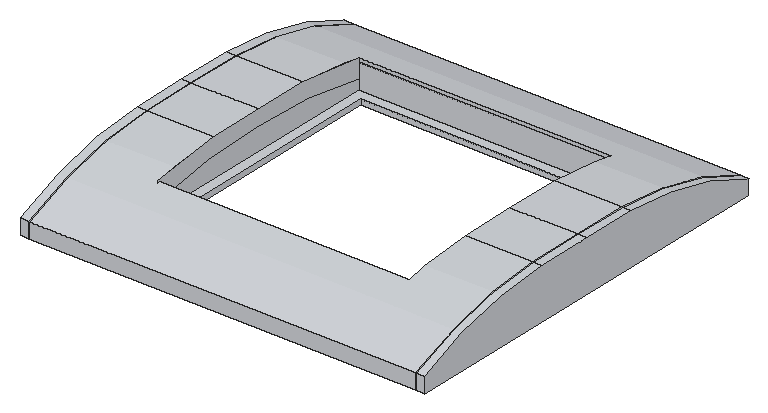
Revit family "Gira_0211733", category Electrical Fixtures, host Face, Revit 2017
Family settings
  Host = Face
  Maintain Annotation Orientation = No
  Round Connector Dimension = Use Diameter
  Part Type = Normal
  Cut with Voids When Loaded = No
  Shared = No
  Room Calculation Point = No
Parameters (values of type "Abdeckrahmen 1f Zwischenr. RW Gira Event Klar Schwarz")
  Werkstoffgüte = "Thermoplast"
  Werkstoff = "Kunststoff"
  URL = "http://katalog.gira.de/de_DE/datenblatt.html?artikelnr=0211733"
  Transparent = "No"
  Textfeld/Beschriftungsfläche = "No"
  Schutzart (IP) = "IP20"
  Region = "DE"
  Oberfläche = "sonstige"
  Name = "Abdeckrahmen 1f Zwischenr. RW Gira Event Klar Schwarz"
  Montagerichtung = "horizontal und vertikal"
  Mit Montagerahmen = "No"
  Mit Klappdeckel = "No"
  Manufacturer URL = "https://www.gira.de/"
  Keynote = "Event_Rahmen_1fach"
  HeinzeBIM = "https://bimportal.heinze.de/bim/abdeckrahmen-1f-zwischenr-rw-gira-event-klar-schwarz/39662db09747aa0a77a598c68d48e039478425cf"
  Halogenfrei = "Yes"
  HAN = "0211733"
  Geeignet für Unterputz-Installation = "Yes"
  Geeignet für Unterflurkanaldose = "No"
  Geeignet für Geräteeinbaukanal = "No"
  Geeignet für Einbauinstallation = "No"
  GTIN = "4010337068808"
  Farbe = "schwarz"
  Default Elevation = 1219.2 mm
  Data sheet (1) = "https://katalog.gira.de/de_DE/download.html?artikelnr=0211733"
  Category = "Abdeckrahmen"
  Befestigungsart = "Klemmbefestigung"
  Available = "Yes"
  Ausführung der Oberfläche = "glänzend"
  Anzahl der Einheiten vertikal = "1 "
  Anzahl der Einheiten horizontal = "1 "
  Anzahl der Einheiten = "1 "
Reference planes
  plane 1 "Center (Front/Back)": y = 0
  plane 2: z = 0
  plane 3 "Center (Left/Right)": x = 0
Forms (mm)
  Extrusion 1, solid, detail levels fine
    sketch origin (0, 0, 1.55) x (0, 1, 0) y (0, 0, 1)
      loop
        arc (12.445, 9.683) -> (6.223, 9.833) -> (0, 9.85) r 291.636
        arc (0, 9.85) -> (-6.223, 9.833) -> (-12.445, 9.683) r 291.636
        arc (-12.445, 9.683) -> (-29.14, 7.482) -> (-45, 1.823) r 79.728
        line (-45, 1.823) -> (-45, -1.55) -> (-41.777, -1.55) -> (-41.777, -0.55)
        arc (-41.777, -0.55) -> (-21.205, 4.846) -> (0, 6.467) r 118.15
        arc (0, 6.467) -> (21.205, 4.846) -> (41.777, -0.55) r 118.15
        line (41.777, -0.55) -> (41.777, -1.55) -> (45, -1.55) -> (45, 1.823)
        arc (45, 1.823) -> (29.14, 7.482) -> (12.445, 9.683) r 79.728
    from -43 to 43
  Extrusion 2, void, detail levels fine
    sketch origin (0, 0, 0) x (1, 0, 0) y (0, 1, 0)
      loop
        line (-28, -28) -> (28, -28) -> (28, 28) -> (-28, 28) -> (-28, -28)
    from 2.85 to 12
  Extrusion 3, solid, detail levels coarse
    sketch origin (0, 0, 0) x (1, 0, 0) y (0, 1, 0)
      loop
        line (-45, 45) -> (-45, -45) -> (45, -45) -> (45, 45) -> (-45, 45)
    from 0 to 11.4
  Extrusion 4, solid, detail levels medium
    sketch origin (0, 0, 1.55) x (0, 1, 0) y (0, 0, 1)
      loop
        arc (12.445, 9.683) -> (6.223, 9.833) -> (0, 9.85) r 291.636
        arc (0, 9.85) -> (-6.223, 9.833) -> (-12.445, 9.683) r 291.636
        arc (-12.445, 9.683) -> (-29.14, 7.482) -> (-45, 1.823) r 79.728
        line (-45, 1.823) -> (-45, -1.55) -> (45, -1.55) -> (45, 1.823)
        arc (45, 1.823) -> (29.14, 7.482) -> (12.445, 9.683) r 79.728
    from -45 to 45
  Extrusion 5, solid, detail levels fine
    sketch origin (0, 0, 0) x (0, 1, 0) y (0, 0, 1)
      loop
        arc (45, 3.373) -> (29.14, 9.032) -> (12.445, 11.233) r 79.728
        arc (12.445, 11.233) -> (6.223, 11.383) -> (0, 11.4) r 291.636
        arc (0, 11.4) -> (-6.223, 11.383) -> (-12.445, 11.233) r 291.636
        arc (-12.445, 11.233) -> (-29.14, 9.032) -> (-45, 3.373) r 79.728
        line (-45, 3.373) -> (-45, 0) -> (45, 0) -> (45, 3.373)
    from 43 to 45
  Extrusion 6, solid, detail levels fine
    sketch origin (0, 0, 0) x (0, 1, 0) y (0, 0, -1)
      loop
        line (45, -3.373) -> (45, 0) -> (-45, 0) -> (-45, -3.373)
        arc (-45, -3.373) -> (-29.14, -9.032) -> (-12.445, -11.233) r 79.728
        arc (-12.445, -11.233) -> (-6.223, -11.383) -> (0, -11.4) r 291.636
        arc (0, -11.4) -> (6.223, -11.383) -> (12.445, -11.233) r 291.636
        arc (12.445, -11.233) -> (29.14, -9.032) -> (45, -3.373) r 79.728
    from 43 to 45
  Extrusion 7, solid, detail levels fine
    sketch origin (0, 0, 0) x (1, 0, 0) y (0, 1, 0)
      loop
        line (-25.7, 25.7) -> (-25.7, -25.7) -> (25.7, -25.7) -> (25.7, 25.7) -> (-25.7, 25.7)
      loop
        line (-29.495, 27.895) -> (-29.495, -27.895)
        spline (-29.495, -27.895) -> (-29.486, -28.025) -> (-29.461, -28.154) -> (-29.419, -28.278) -> (-29.361, -28.395) -> (-29.288, -28.504) -> (-29.202, -28.602) -> (-29.104, -28.688) -> (-28.995, -28.761) -> (-28.878, -28.819) -> (-28.754, -28.861) -> (-28.625, -28.886) -> (-28.495, -28.895)
        line (-28.495, -28.895) -> (28.495, -28.895)
        spline (28.495, -28.895) -> (28.625, -28.886) -> (28.754, -28.861) -> (28.878, -28.819) -> (28.995, -28.761) -> (29.104, -28.688) -> (29.202, -28.602) -> (29.288, -28.504) -> (29.361, -28.395) -> (29.419, -28.278) -> (29.461, -28.154) -> (29.486, -28.025) -> (29.495, -27.895)
        line (29.495, -27.895) -> (29.495, 27.895)
        spline (29.495, 27.895) -> (29.486, 28.025) -> (29.461, 28.154) -> (29.419, 28.278) -> (29.361, 28.395) -> (29.288, 28.504) -> (29.202, 28.602) -> (29.104, 28.688) -> (28.995, 28.761) -> (28.878, 28.819) -> (28.754, 28.861) -> (28.625, 28.886) -> (28.495, 28.895)
        line (28.495, 28.895) -> (-28.495, 28.895)
        spline (-28.495, 28.895) -> (-28.625, 28.886) -> (-28.754, 28.861) -> (-28.878, 28.819) -> (-28.995, 28.761) -> (-29.104, 28.688) -> (-29.202, 28.602) -> (-29.288, 28.504) -> (-29.361, 28.395) -> (-29.419, 28.278) -> (-29.461, 28.154) -> (-29.486, 28.025) -> (-29.495, 27.895)
    from 1.673 to 8.5
Cuts and joins
  Extrusion 2 cuts Extrusion 1
  Extrusion 2 cuts Extrusion 7
Dimensions and locks
  aligned and locked: plane 2 to host face
  aligned and locked: level to host face
